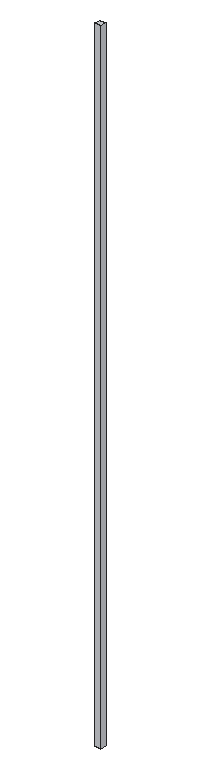
Revit family "Aluminum Batten", category Generic Models, Revit 2025
Family settings
  Can host rebar = No
  Round Connector Dimension = Use Diameter
  Part Type = Normal
  Work Plane-Based = No
  Always vertical = Yes
  Cut with Voids When Loaded = No
  Maintain Annotation Orientation = No
  Shared = No
  Room Calculation Point = No
Parameters
  Size = 2"
  Height = 213"
  Default Elevation = 0"
Reference planes (in)
  plane 1 "Center (Front/Back)": y = 0
  plane 2: z = 0
  plane 3 "Center (Left/Right)": x = 0
  plane 4: z = 213
Forms (in)
  Extrusion 1, solid
    sketch origin (0, 0, 0) x (1, 0, 0) y (0, 1, 0)
      loop
        line (-1, 1) -> (-1, -1) -> (1, -1) -> (1, 1) -> (-1, 1)
    from 0 to 213
Dimensions and locks (in)
  equal spacing: Extrusion 1 sketch curve, plane 3 "Center (Left/Right)", Extrusion 1 sketch curve
  equal spacing: Extrusion 1 sketch curve, plane 1 "Center (Front/Back)", Extrusion 1 sketch curve
  "Size": Extrusion 1 sketch curve to Extrusion 1 sketch curve  (x2)
  "Height": plane 4 to plane 2
  aligned and locked: level to plane 2
  aligned and locked: plane 4 to Extrusion 1
